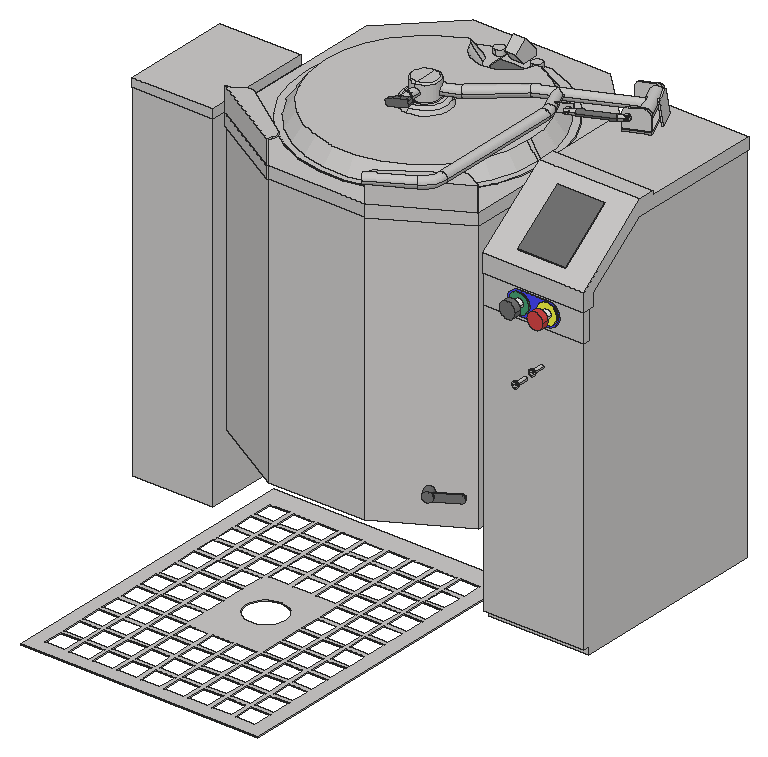
Revit family "QF_DIETATEC_C-CLASSIC_80_180516032309", category Specialty Equipment, Revit 2015
Parameters
  Width [instance] = 1154 mm
  Weight in Pounds [instance] = 308.644
  Volts [instance] = 400 V
  URL Cutsheet [instance] = ""
  URL = "www.dietatec.com"
  Status [instance] = ""
  Specification by User [instance] = ""
  Specification by Manufacturer [instance] = ""
  Serial Number [instance] = "C-CLASSIC_80"
  Seismic Rating [instance] = ""
  SMACNA No [instance] = ""
  Revision Code [instance] = ""
  Phase [instance] = 0
  Number of Poles [instance] = 3
  NAFEM Spec ID Number [instance] = ""
  Model = "54312"
  Min Ckt Ampacity [instance] = 0 A
  Max Overcurrent Protection [instance] = 0 A
  Masterspec [instance] = ""
  Manufacturer = "DIETATEC"
  ListPrice [instance] = 0
  Item Number [instance] = ""
  Installed By [instance] = ""
  Identify Quantity as Lot [instance] = yes
  Height [instance] = 1000 mm
  HP [instance] = ""
  Furnished By [instance] = ""
  Foodservice Equipment Identifier [instance] = yes
  FL Amps [instance] = 20 A
  Elec Conn RI Height [instance] = 0 mm
  Elec Conn Connection Height [instance] = 120 mm
  Description = "DIETA C-CLASSIC 80 KETTLE, ELECTRIC MODEL"
  Depth [instance] = 770 mm
  Cycle [instance] = 50 Hz
  Conn Plug [instance] = ""
  Conn Conduit [instance] = yes
  CSI MasterFormat [instance] = ""
  Assembly Code = "E1090320"
  Apparent Power [instance] = 13500 VA
Reference planes
  plane 1 "Center (Front/Back)": y = 0
  plane 2: z = 0
  plane 3 "Center (Left/Right)": x = 0
Forms (mm)
  Extrusion 1, solid, not visible
    sketch origin (803.5, -97.5, 120) x (1, 0, 0) y (0, 1, 0)
      loop
        line (0, 0) -> (2, 0) -> (2, 2) -> (0, 2) -> (0, 0)
    from 0 to 2
Dimensions and locks
  aligned and locked: level to plane 2
Nested families
  nested 1: "QF_Dietatec_C-CLASSIC_80_FL" at (0, 0, 0), type "54312_400_3"
    with Width 1154 mm, Status "", Specification by User "", Show Logo yes, Show Clearance yes, Revision Code "", Plumbing Remarks "", Plumbing Connection Type "", Number of Poles 3, ListPrice 0, Item Number "", Installed By "", Identify Quantity as Lot no, Height 1000 mm, Furnished By "", Foodservice Equipment Identifier yes, Electrical Remarks "", Electric Connection Type "", Elec Conn RI Height 0 mm, Elec Conn Connection Height 120 mm, Depth 770 mm, Conn Conduit no, Cold Water RI Height 120 mm, Cold Water Flow 0.0 L/s, Cold Water Consumption "", Cold Water Connection Height 120 mm
  nested 2: "QF_Dietatec_KETTLE_LEFT_LEG" at (0, 0, 0), type "KETTLE_LEFT_LEG"
    with Width 275 mm, Status "", Specification by User "", Show Logo yes, Show Clearance yes, Revision Code "", ListPrice 0, Item Number "", Installed By "", Identify Quantity as Lot no, Height 900 mm, Furnished By "", Foodservice Equipment Identifier yes, Depth 200 mm
Connectors
  electrical at (804.5, -95.5, 121), driven by "Volts"
    settings: on Extrusion 1, index 1, voltage 400 V, apparent load 13500 VA, apparent load phase1 0 VA, apparent load phase2 0 VA, apparent load phase3 0 VA, power factor 1, load classification "Other", number of poles 1, system type 30, power factor state 1, is connector primary yes, connector utility no, sub classification motor no, connector description "Electrical connection"
Definition of nested family "QF_Dietatec_C-CLASSIC_80_FL"
  Parameters (values of type "54312_400_3")
    Width [instance] = 0 mm
    Weight in Pounds = 308.6468
    Watts = 13500 W
    Volts = 400 V
    URL Cutsheet = "www.dietatec.com"
    URL = "www.dietatec.com"
    Status [instance] = ""
    Specification by User [instance] = ""
    Specification by Manufacturer = ""
    Show Logo [instance] = yes
    Show Clearance [instance] = yes
    Serial Number = ""
    Seismic Rating = ""
    SMACNA No = ""
    Revision Code [instance] = ""
    Plumbing Remarks [instance] = ""
    Plumbing Connection Type [instance] = ""
    Phase = 3
    Number of Poles [instance] = 3
    NAFEM Spec ID Number = ""
    Model = "54312.000000000000"
    Min Ckt Ampacity = 0 A
    Max Overcurrent Protection = 0 A
    Masterspec = ""
    Manufacturer = "DIETATEC"
    ListPrice [instance] = 0
    Item Number [instance] = ""
    Installed By [instance] = ""
    Identify Quantity as Lot [instance] = no
    Height [instance] = 0 mm
    HP = "18.103770000000"
    Furnished By [instance] = ""
    Foodservice Equipment Identifier [instance] = yes
    FL Amps = 20 A
    Electrical Remarks [instance] = ""
    Electric Connection Type [instance] = ""
    Elec Conn RI Height [instance] = 0 mm
    Elec Conn Connection Height [instance] = 120 mm
    Description = "DIETA C-CLASSIC 80 KETTLE, ELECTRIC MODEL"
    Depth [instance] = 0 mm
    Cycle = 50 Hz
    Conn Plug = ""
    Conn Conduit [instance] = no
    Cold Water Temperature Recommended = 0 °C
    Cold Water Size = 12.7 mm
    Cold Water RI Height [instance] = 120 mm
    Cold Water Minimum Pressure = 20000.0 Pa
    Cold Water Maximum Pressure = 50000.0 Pa
    Cold Water Flow [instance] = 0.0 L/s
    Cold Water Consumption [instance] = ""
    Cold Water Connection Height [instance] = 120 mm
    CSI MasterFormat = ""
    Assembly Code = "E1090320"
    Apparent Power = 13500 VA
  Reference planes
    plane 1 "Back": y = 0
    plane 2: z = 0
    plane 3 "Left": x = 0
    plane 4 "Right": x = 950.5
    plane 5 "Front": y = -769.992
    plane 6 "Top": z = 1000
  Forms (mm)
    Extrusion 1, solid
      sketch origin (1853.203, 903.185, 150) x (1, 0, 0) y (0, 1, 0)
        loop
          line (-1804.703, -1372.685) -> (-1804.703, -2172.685) -> (-1204.703, -2172.685) -> (-1204.703, -1372.685) -> (-1804.703, -1372.685)
        loop
          line (-1769.703, -1427.685) -> (-1769.703, -1477.685) -> (-1719.703, -1477.685) -> (-1719.703, -1427.685) -> (-1769.703, -1427.685)
        loop
          line (-1709.703, -1427.685) -> (-1709.703, -1477.685) -> (-1659.703, -1477.685) -> (-1659.703, -1427.685) -> (-1709.703, -1427.685)
        loop
          line (-1649.703, -1427.685) -> (-1649.703, -1477.685) -> (-1599.703, -1477.685) -> (-1599.703, -1427.685) -> (-1649.703, -1427.685)
        loop
          line (-1589.703, -1427.685) -> (-1589.703, -1477.685) -> (-1539.703, -1477.685) -> (-1539.703, -1427.685) -> (-1589.703, -1427.685)
        loop
          line (-1529.703, -1427.685) -> (-1529.703, -1477.685) -> (-1479.703, -1477.685) -> (-1479.703, -1427.685) -> (-1529.703, -1427.685)
        loop
          line (-1469.703, -1427.685) -> (-1469.703, -1477.685) -> (-1419.703, -1477.685) -> (-1419.703, -1427.685) -> (-1469.703, -1427.685)
        loop
          line (-1409.703, -1427.685) -> (-1409.703, -1477.685) -> (-1359.703, -1477.685) -> (-1359.703, -1427.685) -> (-1409.703, -1427.685)
        loop
          line (-1349.703, -1427.685) -> (-1349.703, -1477.685) -> (-1299.703, -1477.685) -> (-1299.703, -1427.685) -> (-1349.703, -1427.685)
        loop
          line (-1289.703, -1427.685) -> (-1289.703, -1477.685) -> (-1239.703, -1477.685) -> (-1239.703, -1427.685) -> (-1289.703, -1427.685)
        loop
          line (-1769.703, -1487.685) -> (-1769.703, -1537.685) -> (-1719.703, -1537.685) -> (-1719.703, -1487.685) -> (-1769.703, -1487.685)
        loop
          line (-1709.703, -1487.685) -> (-1709.703, -1537.685) -> (-1659.703, -1537.685) -> (-1659.703, -1487.685) -> (-1709.703, -1487.685)
        loop
          line (-1649.703, -1487.685) -> (-1649.703, -1537.685) -> (-1599.703, -1537.685) -> (-1599.703, -1487.685) -> (-1649.703, -1487.685)
        loop
          line (-1589.703, -1487.685) -> (-1589.703, -1537.685) -> (-1539.703, -1537.685) -> (-1539.703, -1487.685) -> (-1589.703, -1487.685)
        loop
          line (-1529.703, -1487.685) -> (-1529.703, -1537.685) -> (-1479.703, -1537.685) -> (-1479.703, -1487.685) -> (-1529.703, -1487.685)
        loop
          line (-1469.703, -1487.685) -> (-1469.703, -1537.685) -> (-1419.703, -1537.685) -> (-1419.703, -1487.685) -> (-1469.703, -1487.685)
        loop
          line (-1409.703, -1487.685) -> (-1409.703, -1537.685) -> (-1359.703, -1537.685) -> (-1359.703, -1487.685) -> (-1409.703, -1487.685)
        loop
          line (-1349.703, -1487.685) -> (-1349.703, -1537.685) -> (-1299.703, -1537.685) -> (-1299.703, -1487.685) -> (-1349.703, -1487.685)
        loop
          line (-1289.703, -1487.685) -> (-1289.703, -1537.685) -> (-1239.703, -1537.685) -> (-1239.703, -1487.685) -> (-1289.703, -1487.685)
        loop
          line (-1769.703, -1547.685) -> (-1769.703, -1597.685) -> (-1719.703, -1597.685) -> (-1719.703, -1547.685) -> (-1769.703, -1547.685)
        loop
          line (-1709.703, -1547.685) -> (-1709.703, -1597.685) -> (-1659.703, -1597.685) -> (-1659.703, -1547.685) -> (-1709.703, -1547.685)
        loop
          line (-1649.703, -1547.685) -> (-1649.703, -1597.685) -> (-1599.703, -1597.685) -> (-1599.703, -1547.685) -> (-1649.703, -1547.685)
        loop
          line (-1589.703, -1547.685) -> (-1589.703, -1597.685) -> (-1539.703, -1597.685) -> (-1539.703, -1547.685) -> (-1589.703, -1547.685)
        loop
          line (-1529.703, -1547.685) -> (-1529.703, -1597.685) -> (-1479.703, -1597.685) -> (-1479.703, -1547.685) -> (-1529.703, -1547.685)
        loop
          line (-1469.703, -1547.685) -> (-1469.703, -1597.685) -> (-1419.703, -1597.685) -> (-1419.703, -1547.685) -> (-1469.703, -1547.685)
        loop
          line (-1409.703, -1547.685) -> (-1409.703, -1597.685) -> (-1359.703, -1597.685) -> (-1359.703, -1547.685) -> (-1409.703, -1547.685)
        loop
          line (-1349.703, -1547.685) -> (-1349.703, -1597.685) -> (-1299.703, -1597.685) -> (-1299.703, -1547.685) -> (-1349.703, -1547.685)
        loop
          line (-1289.703, -1547.685) -> (-1289.703, -1597.685) -> (-1239.703, -1597.685) -> (-1239.703, -1547.685) -> (-1289.703, -1547.685)
        loop
          line (-1769.703, -1607.685) -> (-1769.703, -1657.685) -> (-1719.703, -1657.685) -> (-1719.703, -1607.685) -> (-1769.703, -1607.685)
        loop
          line (-1709.703, -1607.685) -> (-1709.703, -1657.685) -> (-1659.703, -1657.685) -> (-1659.703, -1607.685) -> (-1709.703, -1607.685)
        loop
          line (-1649.703, -1607.685) -> (-1649.703, -1657.685) -> (-1599.703, -1657.685) -> (-1599.703, -1607.685) -> (-1649.703, -1607.685)
        loop
          line (-1589.703, -1607.685) -> (-1589.703, -1657.685) -> (-1539.703, -1657.685) -> (-1539.703, -1607.685) -> (-1589.703, -1607.685)
        loop
          line (-1529.703, -1607.685) -> (-1529.703, -1657.685) -> (-1479.703, -1657.685) -> (-1479.703, -1607.685) -> (-1529.703, -1607.685)
        loop
          line (-1469.703, -1607.685) -> (-1469.703, -1657.685) -> (-1419.703, -1657.685) -> (-1419.703, -1607.685) -> (-1469.703, -1607.685)
        loop
          line (-1409.703, -1607.685) -> (-1409.703, -1657.685) -> (-1359.703, -1657.685) -> (-1359.703, -1607.685) -> (-1409.703, -1607.685)
        loop
          line (-1349.703, -1607.685) -> (-1349.703, -1657.685) -> (-1299.703, -1657.685) -> (-1299.703, -1607.685) -> (-1349.703, -1607.685)
        loop
          line (-1289.703, -1607.685) -> (-1289.703, -1657.685) -> (-1239.703, -1657.685) -> (-1239.703, -1607.685) -> (-1289.703, -1607.685)
        loop
          line (-1769.703, -1667.685) -> (-1769.703, -1717.685) -> (-1719.703, -1717.685) -> (-1719.703, -1667.685) -> (-1769.703, -1667.685)
        loop
          line (-1709.703, -1667.685) -> (-1709.703, -1717.685) -> (-1659.703, -1717.685) -> (-1659.703, -1667.685) -> (-1709.703, -1667.685)
        loop
          line (-1649.703, -1667.685) -> (-1649.703, -1717.685) -> (-1599.703, -1717.685) -> (-1599.703, -1667.685) -> (-1649.703, -1667.685)
        loop
          line (-1409.703, -1667.685) -> (-1409.703, -1717.685) -> (-1359.703, -1717.685) -> (-1359.703, -1667.685) -> (-1409.703, -1667.685)
        loop
          line (-1349.703, -1667.685) -> (-1349.703, -1717.685) -> (-1299.703, -1717.685) -> (-1299.703, -1667.685) -> (-1349.703, -1667.685)
        loop
          line (-1289.703, -1667.685) -> (-1289.703, -1717.685) -> (-1239.703, -1717.685) -> (-1239.703, -1667.685) -> (-1289.703, -1667.685)
        loop
          line (-1769.703, -1727.685) -> (-1769.703, -1777.685) -> (-1719.703, -1777.685) -> (-1719.703, -1727.685) -> (-1769.703, -1727.685)
        loop
          line (-1709.703, -1727.685) -> (-1709.703, -1777.685) -> (-1659.703, -1777.685) -> (-1659.703, -1727.685) -> (-1709.703, -1727.685)
        loop
          line (-1649.703, -1727.685) -> (-1649.703, -1777.685) -> (-1599.703, -1777.685) -> (-1599.703, -1727.685) -> (-1649.703, -1727.685)
        loop
          line (-1409.703, -1727.685) -> (-1409.703, -1777.685) -> (-1359.703, -1777.685) -> (-1359.703, -1727.685) -> (-1409.703, -1727.685)
        loop
          line (-1349.703, -1727.685) -> (-1349.703, -1777.685) -> (-1299.703, -1777.685) -> (-1299.703, -1727.685) -> (-1349.703, -1727.685)
        loop
          line (-1289.703, -1727.685) -> (-1289.703, -1777.685) -> (-1239.703, -1777.685) -> (-1239.703, -1727.685) -> (-1289.703, -1727.685)
        loop
          line (-1769.703, -1787.685) -> (-1769.703, -1837.685) -> (-1719.703, -1837.685) -> (-1719.703, -1787.685) -> (-1769.703, -1787.685)
        loop
          line (-1709.703, -1787.685) -> (-1709.703, -1837.685) -> (-1659.703, -1837.685) -> (-1659.703, -1787.685) -> (-1709.703, -1787.685)
        loop
          line (-1649.703, -1787.685) -> (-1649.703, -1837.685) -> (-1599.703, -1837.685) -> (-1599.703, -1787.685) -> (-1649.703, -1787.685)
        loop
          line (-1409.703, -1787.685) -> (-1409.703, -1837.685) -> (-1359.703, -1837.685) -> (-1359.703, -1787.685) -> (-1409.703, -1787.685)
        loop
          line (-1349.703, -1787.685) -> (-1349.703, -1837.685) -> (-1299.703, -1837.685) -> (-1299.703, -1787.685) -> (-1349.703, -1787.685)
        loop
          line (-1289.703, -1787.685) -> (-1289.703, -1837.685) -> (-1239.703, -1837.685) -> (-1239.703, -1787.685) -> (-1289.703, -1787.685)
        loop
          line (-1769.703, -1847.685) -> (-1769.703, -1897.685) -> (-1719.703, -1897.685) -> (-1719.703, -1847.685) -> (-1769.703, -1847.685)
        loop
          line (-1709.703, -1847.685) -> (-1709.703, -1897.685) -> (-1659.703, -1897.685) -> (-1659.703, -1847.685) -> (-1709.703, -1847.685)
        loop
          line (-1649.703, -1847.685) -> (-1649.703, -1897.685) -> (-1599.703, -1897.685) -> (-1599.703, -1847.685) -> (-1649.703, -1847.685)
        loop
          line (-1409.703, -1847.685) -> (-1409.703, -1897.685) -> (-1359.703, -1897.685) -> (-1359.703, -1847.685) -> (-1409.703, -1847.685)
        loop
          line (-1349.703, -1847.685) -> (-1349.703, -1897.685) -> (-1299.703, -1897.685) -> (-1299.703, -1847.685) -> (-1349.703, -1847.685)
        loop
          line (-1289.703, -1847.685) -> (-1289.703, -1897.685) -> (-1239.703, -1897.685) -> (-1239.703, -1847.685) -> (-1289.703, -1847.685)
        loop
          line (-1769.703, -1907.685) -> (-1769.703, -1957.685) -> (-1719.703, -1957.685) -> (-1719.703, -1907.685) -> (-1769.703, -1907.685)
        loop
          line (-1709.703, -1907.685) -> (-1709.703, -1957.685) -> (-1659.703, -1957.685) -> (-1659.703, -1907.685) -> (-1709.703, -1907.685)
        loop
          line (-1649.703, -1907.685) -> (-1649.703, -1957.685) -> (-1599.703, -1957.685) -> (-1599.703, -1907.685) -> (-1649.703, -1907.685)
        loop
          line (-1589.703, -1907.685) -> (-1589.703, -1957.685) -> (-1539.703, -1957.685) -> (-1539.703, -1907.685) -> (-1589.703, -1907.685)
        loop
          line (-1529.703, -1907.685) -> (-1529.703, -1957.685) -> (-1479.703, -1957.685) -> (-1479.703, -1907.685) -> (-1529.703, -1907.685)
        loop
          line (-1469.703, -1907.685) -> (-1469.703, -1957.685) -> (-1419.703, -1957.685) -> (-1419.703, -1907.685) -> (-1469.703, -1907.685)
        loop
          line (-1409.703, -1907.685) -> (-1409.703, -1957.685) -> (-1359.703, -1957.685) -> (-1359.703, -1907.685) -> (-1409.703, -1907.685)
        loop
          line (-1349.703, -1907.685) -> (-1349.703, -1957.685) -> (-1299.703, -1957.685) -> (-1299.703, -1907.685) -> (-1349.703, -1907.685)
        loop
          line (-1289.703, -1907.685) -> (-1289.703, -1957.685) -> (-1239.703, -1957.685) -> (-1239.703, -1907.685) -> (-1289.703, -1907.685)
        loop
          line (-1769.703, -1967.685) -> (-1769.703, -2017.685) -> (-1719.703, -2017.685) -> (-1719.703, -1967.685) -> (-1769.703, -1967.685)
        loop
          line (-1709.703, -1967.685) -> (-1709.703, -2017.685) -> (-1659.703, -2017.685) -> (-1659.703, -1967.685) -> (-1709.703, -1967.685)
        loop
          line (-1649.703, -1967.685) -> (-1649.703, -2017.685) -> (-1599.703, -2017.685) -> (-1599.703, -1967.685) -> (-1649.703, -1967.685)
        loop
          line (-1589.703, -1967.685) -> (-1589.703, -2017.685) -> (-1539.703, -2017.685) -> (-1539.703, -1967.685) -> (-1589.703, -1967.685)
        loop
          line (-1529.703, -1967.685) -> (-1529.703, -2017.685) -> (-1479.703, -2017.685) -> (-1479.703, -1967.685) -> (-1529.703, -1967.685)
        loop
          line (-1469.703, -1967.685) -> (-1469.703, -2017.685) -> (-1419.703, -2017.685) -> (-1419.703, -1967.685) -> (-1469.703, -1967.685)
        loop
          line (-1409.703, -1967.685) -> (-1409.703, -2017.685) -> (-1359.703, -2017.685) -> (-1359.703, -1967.685) -> (-1409.703, -1967.685)
        loop
          line (-1349.703, -1967.685) -> (-1349.703, -2017.685) -> (-1299.703, -2017.685) -> (-1299.703, -1967.685) -> (-1349.703, -1967.685)
        loop
          line (-1289.703, -1967.685) -> (-1289.703, -2017.685) -> (-1239.703, -2017.685) -> (-1239.703, -1967.685) -> (-1289.703, -1967.685)
        loop
          line (-1769.703, -2027.685) -> (-1769.703, -2077.685) -> (-1719.703, -2077.685) -> (-1719.703, -2027.685) -> (-1769.703, -2027.685)
        loop
          line (-1709.703, -2027.685) -> (-1709.703, -2077.685) -> (-1659.703, -2077.685) -> (-1659.703, -2027.685) -> (-1709.703, -2027.685)
        loop
          line (-1649.703, -2027.685) -> (-1649.703, -2077.685) -> (-1599.703, -2077.685) -> (-1599.703, -2027.685) -> (-1649.703, -2027.685)
        loop
          line (-1589.703, -2027.685) -> (-1589.703, -2077.685) -> (-1539.703, -2077.685) -> (-1539.703, -2027.685) -> (-1589.703, -2027.685)
        loop
          line (-1529.703, -2027.685) -> (-1529.703, -2077.685) -> (-1479.703, -2077.685) -> (-1479.703, -2027.685) -> (-1529.703, -2027.685)
        loop
          line (-1469.703, -2027.685) -> (-1469.703, -2077.685) -> (-1419.703, -2077.685) -> (-1419.703, -2027.685) -> (-1469.703, -2027.685)
        loop
          line (-1409.703, -2027.685) -> (-1409.703, -2077.685) -> (-1359.703, -2077.685) -> (-1359.703, -2027.685) -> (-1409.703, -2027.685)
        loop
          line (-1349.703, -2027.685) -> (-1349.703, -2077.685) -> (-1299.703, -2077.685) -> (-1299.703, -2027.685) -> (-1349.703, -2027.685)
        loop
          line (-1289.703, -2027.685) -> (-1289.703, -2077.685) -> (-1239.703, -2077.685) -> (-1239.703, -2027.685) -> (-1289.703, -2027.685)
        loop
          line (-1769.703, -2087.685) -> (-1769.703, -2137.685) -> (-1719.703, -2137.685) -> (-1719.703, -2087.685) -> (-1769.703, -2087.685)
        loop
          line (-1709.703, -2087.685) -> (-1709.703, -2137.685) -> (-1659.703, -2137.685) -> (-1659.703, -2087.685) -> (-1709.703, -2087.685)
        loop
          line (-1649.703, -2087.685) -> (-1649.703, -2137.685) -> (-1599.703, -2137.685) -> (-1599.703, -2087.685) -> (-1649.703, -2087.685)
        loop
          line (-1589.703, -2087.685) -> (-1589.703, -2137.685) -> (-1539.703, -2137.685) -> (-1539.703, -2087.685) -> (-1589.703, -2087.685)
        loop
          line (-1529.703, -2087.685) -> (-1529.703, -2137.685) -> (-1479.703, -2137.685) -> (-1479.703, -2087.685) -> (-1529.703, -2087.685)
        loop
          line (-1469.703, -2087.685) -> (-1469.703, -2137.685) -> (-1419.703, -2137.685) -> (-1419.703, -2087.685) -> (-1469.703, -2087.685)
        loop
          line (-1409.703, -2087.685) -> (-1409.703, -2137.685) -> (-1359.703, -2137.685) -> (-1359.703, -2087.685) -> (-1409.703, -2087.685)
        loop
          line (-1349.703, -2087.685) -> (-1349.703, -2137.685) -> (-1299.703, -2137.685) -> (-1299.703, -2087.685) -> (-1349.703, -2087.685)
        loop
          line (-1289.703, -2087.685) -> (-1289.703, -2137.685) -> (-1239.703, -2137.685) -> (-1239.703, -2087.685) -> (-1289.703, -2087.685)
        loop
          circle (-1504.703, -1772.685) r 50
      from -150 to -148
    Extrusion 2, solid
      sketch origin (-203, -1000, 0) x (0, 1, 0) y (0, 0, 1)
        loop
          line (899, 0) -> (899, 921.5) -> (555.633, 921.5) -> (410.5, 812.65) -> (410.5, 782.65) -> (397.5, 782.65) -> (397.5, 710.15) -> (382, 710.15) -> (382, 19) -> (397.5, 19) -> (397.5, 0) -> (899, 0)
      from 901 to 1152
    Extrusion 3, solid
      sketch origin (-203, 0, 0) x (0, 1, 0) y (0, 0, 1)
        loop
          line (-602.5, 782.65) -> (-618, 782.65) -> (-618, 710.15) -> (-602.5, 710.15) -> (-602.5, 782.65)
      from 901 to 1152
    Extrusion 4, solid
      sketch origin (48.5, -732.029, 6.15) x (1, 0, 0) y (0, 0, 1)
        loop
          circle (740, 741) r 10
      from -112.029 to -90
    Extrusion 5, solid
      sketch origin (48.5, -792.029, 6.15) x (1, 0, 0) y (0, 0, 1)
        loop
          circle (740, 741) r 20
      from -150 to -135
    Extrusion 6, solid
      sketch origin (48.5, -768, 6.15) x (1, 0, 0) y (0, 0, 1)
        loop
          circle (740, 741) r 25
      from -150 to -148
    Extrusion 7, solid
      sketch origin (118.5, -732.029, 6.15) x (1, 0, 0) y (0, 0, 1)
        loop
          circle (740, 741) r 10
      from -112.029 to -90
    Extrusion 8, solid
      sketch origin (118.5, -792.029, 6.15) x (1, 0, 0) y (0, 0, 1)
        loop
          circle (740, 741) r 20
      from -150 to -135
    Extrusion 9, solid
      sketch origin (118.5, -768, 6.15) x (1, 0, 0) y (0, 0, 1)
        loop
          circle (740, 741) r 25
      from -150 to -148
    Extrusion 10, solid
      sketch origin (130.5, -767, -53.35) x (1, 0, 0) y (0, 0, 1)
        loop
          arc (658, 830.5) -> (628, 800.5) -> (658, 770.5) r 30
          line (658, 770.5) -> (728, 770.5)
          arc (728, 770.5) -> (758, 800.5) -> (728, 830.5) r 30
          line (728, 830.5) -> (658, 830.5)
      from -150 to -148
    Extrusion 11, solid
      sketch origin (-203, 0, 0) x (0, 1, 0) y (0, 0, 1)
        loop
          line (-468.4, 941.6) -> (-593.2, 848) -> (-592, 846.4) -> (-467.2, 940) -> (-468.4, 941.6)
      from 966.5 to 1086.5
    Revolve 12, solid
      sketch origin (-203, 0, 580) x (1, 0, 0) y (0, 1, 0)
        loop
          line (1009.5, -618.013) -> (1005.5, -618.013) -> (1005.5, -651) -> (1012.485, -651)
          arc (1012.485, -651) -> (1012.849, -650.849) -> (1013, -650.485) r 0.515
          line (1013, -650.485) -> (1013, -648.5) -> (1009.5, -648.5) -> (1009.5, -618.013)
        axis (1005.5, -651) -> (1005.5, -618.013)
      angle from 0 to 360
    Revolve 13, solid
      sketch origin (-161, 0, 622) x (1, 0, 0) y (0, 1, 0)
        loop
          line (1009.5, -618.003) -> (1005.5, -618.003) -> (1005.5, -651) -> (1012.485, -651)
          arc (1012.485, -651) -> (1012.849, -650.849) -> (1013, -650.485) r 0.515
          line (1013, -650.485) -> (1013, -648.5) -> (1009.5, -648.5) -> (1009.5, -618.003)
        axis (1005.5, -651) -> (1005.5, -618.003)
      angle from 0 to 360
    Revolve 14, solid
      sketch origin (-203, -476, 0) x (1, 0, 0) y (0, 0, 1)
        loop
          line (204.5, 825) -> (201.5, 825) -> (201.5, 775) -> (233, 775) -> (233, 837.5) -> (232.15, 837.5) -> (232.15, 824.35)
          arc (232.15, 824.35) -> (230.796, 821.35) -> (227.65, 820.381) r 4
          line (227.65, 820.381) -> (227.65, 819.45) -> (213, 819.45) -> (213, 818.5) -> (204.5, 818.5) -> (204.5, 825)
        axis (233, 775) -> (201.5, 775)
      angle from 0 to 360
    Revolve 15, solid
      sketch origin (900, -476, 0) x (-1, 0, 0) y (0, 0, -1)
        loop
          line (204.5, -825) -> (204.5, -818.5) -> (213, -818.5) -> (213, -819.45) -> (227.65, -819.45) -> (227.65, -820.381)
          arc (227.65, -820.381) -> (230.796, -821.35) -> (232.15, -824.35) r 4
          line (232.15, -824.35) -> (232.15, -837.5) -> (233, -837.5) -> (233, -775) -> (201.5, -775) -> (201.5, -825) -> (204.5, -825)
        axis (233, -775) -> (201.5, -775)
      angle from 0 to 360
    Extrusion 16, solid
      sketch origin (-203, 0, 0) x (1, 0, 0) y (0, 1, 0)
        loop
          line (722.48, -3.3) -> (380.52, -3.3) -> (233.3, -150.52) -> (233.3, -596.343) -> (430.16, -710) -> (672.84, -710) -> (869.7, -596.343) -> (869.7, -150.52) -> (722.48, -3.3)
      from 183.772 to 870
    Extrusion 17, solid
      sketch origin (-203, 0, 27) x (1, 0, 0) y (0, 1, 0)
        loop
          line (430.16, -710) -> (672.84, -710) -> (674, -709.33) -> (675.65, -712.188) -> (873, -598.248) -> (873, -149.153) -> (723.847, 0) -> (379.153, 0) -> (230, -149.153) -> (230, -598.248) -> (427.35, -712.188) -> (429, -709.33) -> (430.16, -710)
      from 843 to 873
    Extrusion 18, solid
      sketch origin (-203, 0, 1020) x (1, 0, 0) y (0, 1, 0)
        loop
          line (674, -709.33) -> (675.65, -712.188) -> (870.593, -599.638) -> (868.943, -596.78) -> (674, -709.33)
        loop
          line (429, -709.33) -> (234.057, -596.78) -> (232.407, -599.638) -> (427.35, -712.188) -> (429, -709.33)
      from -120 to -59.435
    Extrusion 19, solid
      sketch origin (-203, 0, 1040) x (1, 0, 0) y (0, 1, 0)
        loop
          line (241.167, -594.601) -> (234.057, -596.78) -> (232.407, -599.638) -> (427.35, -712.188) -> (433.173, -702.102)
          arc (433.173, -702.102) -> (435.379, -687.773) -> (427.324, -675.719) r 20
          line (427.324, -675.719) -> (290.139, -579.661)
          arc (290.139, -579.661) -> (279.54, -576.063) -> (268.668, -578.723) r 20
          line (268.668, -578.723) -> (241.167, -594.601)
        loop
          line (861.833, -594.601) -> (834.332, -578.723)
          arc (834.332, -578.723) -> (823.46, -576.063) -> (812.861, -579.661) r 20
          line (812.861, -579.661) -> (675.676, -675.719)
          arc (675.676, -675.719) -> (667.621, -687.773) -> (669.827, -702.102) r 20
          line (669.827, -702.102) -> (675.65, -712.188) -> (870.593, -599.638) -> (868.943, -596.78) -> (861.833, -594.601)
      from -81.15 to -78.15
    Revolve 20, solid
      sketch origin (348.5, 0, 0) x (0, 1, 0) y (0, 0, 1)
        loop
          line (-366, 995.5) -> (-366, 937.455) -> (-307.025, 937.455) -> (-312.103, 946.25)
          arc (-312.103, 946.25) -> (-315.946, 950.093) -> (-321.196, 951.5) r 10.5
          line (-321.196, 951.5) -> (-331, 951.5) -> (-331, 953.5) -> (-332.5, 953.5) -> (-332.5, 992) -> (-336, 995.5) -> (-366, 995.5)
        axis (-366, 937.455) -> (-366, 995.5)
      angle from 0 to 360
    Extrusion 21, solid
      sketch origin (-203, 0, 879.5) x (1, 0, 0) y (0, 1, 0)
        loop
          arc (471.1, -61.974) -> (312.628, -169.506) -> (251.5, -351) r 300
          line (251.5, -351) -> (251.5, -366)
          arc (251.5, -366) -> (551.5, -666) -> (851.5, -366) r 300
          line (851.5, -366) -> (851.5, -351)
          arc (851.5, -351) -> (790.372, -169.506) -> (631.9, -61.974) r 300
          arc (631.9, -61.974) -> (625.262, -60.605) -> (618.5, -60.145) r 50
          line (618.5, -60.145) -> (599, -60.145)
          arc (599, -60.145) -> (590.161, -63.806) -> (586.5, -72.645) r 12.5
          arc (586.5, -72.645) -> (585.938, -92.703) -> (584.308, -112.702) r 376.25
          arc (584.308, -112.702) -> (551.5, -142.145) -> (518.692, -112.702) r 33
          arc (518.692, -112.702) -> (517.061, -92.687) -> (516.5, -72.613) r 376.25
          arc (516.5, -72.613) -> (512.828, -63.795) -> (504, -60.145) r 12.5
          line (504, -60.145) -> (484.5, -60.145)
          arc (484.5, -60.145) -> (477.738, -60.605) -> (471.1, -61.974) r 50
      from 20 to 22
    Blend 22, solid
      base sketch origin (-203, 0, 0) x (1, 0, 0) y (0, 1, 0)
        loop
          arc (445.186, -92.991) -> (316.303, -197.386) -> (267.817, -356) r 283.683
          line (267.817, -356) -> (267.817, -366)
          arc (267.817, -366) -> (551.5, -649.683) -> (835.183, -366) r 283.683
          line (835.183, -366) -> (835.183, -356)
          arc (835.183, -356) -> (786.697, -197.386) -> (657.814, -92.991) r 283.683
          arc (657.814, -92.991) -> (624.632, -94.01) -> (602.983, -119.177) r 41.183
          arc (602.983, -119.177) -> (551.5, -157.317) -> (500.017, -119.177) r 53.817
          arc (500.017, -119.177) -> (478.368, -94.01) -> (445.186, -92.991) r 41.183
      top sketch origin (-203, 0, 0) x (1, 0, 0) y (0, 1, 0)
        loop
          arc (455.212, -117.796) -> (338.484, -212.345) -> (294.571, -356) r 256.929
          line (294.571, -356) -> (294.571, -366)
          arc (294.571, -366) -> (551.5, -622.929) -> (808.429, -366) r 256.929
          line (808.429, -366) -> (808.429, -356)
          arc (808.429, -356) -> (764.516, -212.345) -> (647.788, -117.796) r 256.929
          arc (647.788, -117.796) -> (636.162, -118.153) -> (628.577, -126.97) r 14.429
          arc (628.577, -126.97) -> (551.5, -184.071) -> (474.423, -126.97) r 80.571
          arc (474.423, -126.97) -> (466.838, -118.153) -> (455.212, -117.796) r 14.429
      from 901.5 to 937.63
    Extrusion 23, solid
      sketch origin (-203, 0, 0) x (0, 1, 0) y (0, 0, 1)
        loop
          line (-37.248, 900) -> (-37.248, 917.876) -> (-67.284, 953.672) -> (-97.926, 927.96) -> (-74.464, 900) -> (-37.248, 900)
      from 536.5 to 566.5
    Extrusion 24, solid
      sketch origin (-203, -420, 0) x (1, 0, 0) y (0, 0, 1)
        loop
          arc (524.133, 972.678) -> (522.051, 970.677) -> (521.857, 967.795) r 4.004
          line (521.857, 967.795) -> (523.853, 961.376)
          arc (523.853, 961.376) -> (525.646, 959.116) -> (528.494, 958.65) r 4
          line (528.494, 958.65) -> (545.58, 962.233) -> (562.767, 967.58) -> (578.87, 974.324)
          arc (578.87, 974.324) -> (580.95, 976.323) -> (581.145, 979.201) r 4
          line (581.145, 979.201) -> (579.147, 985.624)
          arc (579.147, 985.624) -> (577.354, 987.884) -> (574.506, 988.35) r 4
          line (574.506, 988.35) -> (557.42, 984.767) -> (540.233, 979.42) -> (524.133, 972.678)
      from 23.355 to 35.355
    Revolve 25, solid
      sketch origin (-203, 0, 973.5) x (1, 0, 0) y (0, 1, 0)
        loop
          line (541.5, -394.5) -> (541.5, -418.855) -> (542.908, -418.855) -> (542.908, -421.355) -> (547, -421.355) -> (547, -423.355) -> (542.5, -423.355) -> (542.5, -443.355) -> (551.5, -443.355) -> (551.5, -394.5) -> (541.5, -394.5)
        axis (551.5, -443.355) -> (551.5, -394.5)
      angle from 0 to 360
    Sweep 26, solid
      path origin (-203, 0, 991.467) x (1, 0, 0) y (0, 1, 0)
        loop
          line (713.848, -769.992) -> (810.092, -714.426)
          arc (810.092, -714.426) -> (832.969, -691.549) -> (841.342, -660.299) r 62.5
          line (841.342, -660.299) -> (841.342, -336.028)
          arc (841.342, -336.028) -> (839.861, -322.501) -> (835.486, -309.615) r 62.5
          line (835.486, -309.615) -> (806.642, -247.757)
      profile origin (638.342, -498.164, 991.467) x (-1, 0, 0) y (0, 0, 1)
        loop
          circle (12.5, 0) r 12.5
    Sweep 27, solid
      path origin (-142.68, -595.041, 0) x (0.906308, 0.422618, 0) y (0, 0, 1)
        loop
          line (564.254, 957.5) -> (619.254, 957.5) -> (759.731, 979) -> (989.731, 979)
      profile origin (393.631, -344.955, 957.5) x (0, 0, 1) y (0.422618, -0.906308, 0)
        loop
          circle (12.5, 0) r 12.5
    Extrusion 28, solid
      sketch origin (386.171, -935.322, -40.924) x (0.866025, 0.5, 0) y (0, 0, 1)
        loop
          circle (315, 303) r 12
      from -150 to -125
    Extrusion 29, solid
      sketch origin (395.171, -950.91, -40.924) x (0.866025, 0.5, 0) y (0, 0, 1)
        loop
          line (321.633, 293) -> (381, 293)
          arc (381, 293) -> (391, 303) -> (381, 313) r 10
          line (381, 313) -> (321.633, 313)
          arc (321.633, 313) -> (327, 303) -> (321.633, 293) r 12
      from -150 to -145
    Extrusion 30, solid
      sketch origin (-203, 0, 950) x (1, 0, 0) y (0, 1, 0)
        loop
          line (858.004, -281.002) -> (817.22, -300.02) -> (818.488, -302.739) -> (859.272, -283.721) -> (858.004, -281.002)
      from 30 to 53
    Revolve 31, solid
      sketch origin (-203, 0, 991.5) x (1, 0, 0) y (0, 1, 0)
        loop
          line (870.848, -285.378) -> (847.634, -296.204)
          arc (847.634, -296.204) -> (847.606, -298.584) -> (848.28, -300.868) r 8
          line (848.28, -300.868) -> (872.75, -289.457) -> (870.848, -285.378)
        loop
          line (944.709, -250.937) -> (946.611, -255.015) -> (971.081, -243.604)
          arc (971.081, -243.604) -> (969.765, -241.62) -> (967.924, -240.112) r 8
          line (967.924, -240.112) -> (944.709, -250.937)
        axis (848.28, -300.868) -> (971.081, -243.604)
      angle from 0 to 360
    Revolve 32, solid
      sketch origin (-203, 0, 991.5) x (1, 0, 0) y (0, 1, 0)
        loop
          line (872.524, -289.563) -> (946.841, -254.908) -> (943.671, -248.111) -> (869.354, -282.765) -> (872.524, -289.563)
        axis (872.524, -289.563) -> (946.841, -254.908)
      angle from 0 to 360
    Revolve 33, solid
      sketch origin (-203, 0, 991.83) x (1, 0, 0) y (0, 1, 0)
        loop
          line (856.34, -305.494) -> (858.742, -304.375) -> (845.326, -275.604) -> (843.514, -276.449) -> (843.03, -277.778) -> (848.207, -288.881) -> (846.394, -289.726) -> (847.602, -292.316)
          arc (847.602, -292.316) -> (848.524, -291.928) -> (849.43, -291.504) r 25
          line (849.43, -291.504) -> (851.438, -294.982) -> (856.34, -305.494)
        axis (845.326, -275.604) -> (858.742, -304.375)
      angle from 0 to 360
    Revolve 34, solid
      sketch origin (1082.87, 599.611, 991.83) x (-0.642788, -0.766044, 0) y (0.766044, -0.642788, 0)
        loop
          line (856.34, 305.494) -> (851.438, 294.982) -> (849.43, 291.504)
          arc (849.43, 291.504) -> (848.524, 291.928) -> (847.602, 292.316) r 25
          line (847.602, 292.316) -> (846.394, 289.726) -> (848.207, 288.881) -> (843.03, 277.778) -> (843.514, 276.449) -> (845.326, 275.604) -> (858.742, 304.375) -> (856.34, 305.494)
        axis (845.326, 275.604) -> (858.742, 304.375)
      angle from 0 to 360
    Extrusion 35, solid
      sketch origin (-723.621, -648.922, 0) x (0.906308, 0.422618, 0) y (0, 0, 1)
        loop
          arc (1518.24, 1010.5) -> (1507.633, 1006.107) -> (1503.24, 995.5) r 15
          line (1503.24, 995.5) -> (1503.24, 961.15) -> (1563.24, 961.15) -> (1563.24, 995.5)
          arc (1563.24, 995.5) -> (1558.846, 1006.107) -> (1548.24, 1010.5) r 15
          line (1548.24, 1010.5) -> (1518.24, 1010.5)
      from 141.433 to 145.433
    Extrusion 36, solid
      sketch origin (-678.612, -745.444, 0) x (0.906308, 0.422618, 0) y (0, 0, 1)
        loop
          arc (1518.24, 1010.5) -> (1507.633, 1006.107) -> (1503.24, 995.5) r 15
          line (1503.24, 995.5) -> (1503.24, 961.15) -> (1563.24, 961.15) -> (1563.24, 995.5)
          arc (1563.24, 995.5) -> (1558.846, 1006.107) -> (1548.24, 1010.5) r 15
          line (1548.24, 1010.5) -> (1518.24, 1010.5)
      from 141.433 to 145.433
    Extrusion 37, solid
      sketch origin (-133.615, -590.593, 0) x (0.906308, 0.422618, 0) y (0, 0, 1)
        loop
          circle (988.861, 991.5) r 15
      from -51.05 to 51.45
    Extrusion 38, solid
      sketch origin (-203, 0, 898.3) x (1, 0, 0) y (0, 1, 0)
        loop
          arc (586.069, -90.158) -> (551.5, -88) -> (516.931, -90.158) r 278
          arc (516.931, -90.158) -> (517.642, -101.443) -> (518.692, -112.702) r 376.25
          arc (518.692, -112.702) -> (551.5, -142.145) -> (584.308, -112.702) r 33
          arc (584.308, -112.702) -> (585.358, -101.443) -> (586.069, -90.158) r 376.25
      from 0 to 2
    Extrusion 39, solid
      sketch origin (251.619, 1234.156, 0) x (0.422618, -0.906308, 0) y (0, 0, 1)
        loop
          line (1435.928, 961.15) -> (1435.928, 959.475)
          arc (1435.928, 959.475) -> (1438.263, 953.836) -> (1443.902, 951.5) r 7.975
          line (1443.902, 951.5) -> (1538.453, 951.5)
          arc (1538.453, 951.5) -> (1544.092, 953.836) -> (1546.428, 959.475) r 7.975
          line (1546.428, 959.475) -> (1546.428, 961.15) -> (1542.428, 961.15) -> (1542.428, 959.475)
          arc (1542.428, 959.475) -> (1541.263, 956.664) -> (1538.453, 955.5) r 3.975
          line (1538.453, 955.5) -> (1443.902, 955.5)
          arc (1443.902, 955.5) -> (1441.092, 956.664) -> (1439.928, 959.475) r 3.975
          line (1439.928, 959.475) -> (1439.928, 961.15) -> (1435.928, 961.15)
      from 116.451 to 176.451
    Extrusion 40, solid
      sketch origin (506.129, 845.214, 13.851) x (0.421008, -0.907057, 0) y (-0.153433, -0.071216, 0.985589)
        loop
          line (1006.415, 961.15) -> (1056.415, 961.15) -> (1056.415, 1013.467)
          arc (1056.415, 1013.467) -> (1054.95, 1017.002) -> (1051.415, 1018.467) r 5
          arc (1051.415, 1018.467) -> (1031.415, 1014.603) -> (1011.415, 1018.467) r 53.69
          arc (1011.415, 1018.467) -> (1007.879, 1017.002) -> (1006.415, 1013.467) r 5
          line (1006.415, 1013.467) -> (1006.415, 961.15)
      from 0 to 4
    Extrusion 41, solid, visible <- "Show Clearance", detail levels coarse
      sketch origin (167, 114, 0) x (1, 0, 0) y (0, 1, 0)
        loop
          line (-370, -114) -> (783.5, -114) -> (783.5, 236.46) -> (-370, 236.46) -> (-370, -114)
      from 0 to 1013
    Extrusion 42, solid
      sketch origin (-56.5, -247.5, -68) x (1, 0, 0) y (0, 0, 1)
        loop
          circle (930, 278) r 15
      from -150 to -146.5
    Extrusion 43, solid
      sketch origin (-56.5, -247.5, -158) x (1, 0, 0) y (0, 0, 1)
        loop
          circle (930, 278) r 15
      from -150 to -146.5
    Extrusion 44, solid
      sketch origin (-126.5, -247.5, -158) x (1, 0, 0) y (0, 0, 1)
        loop
          circle (930, 278) r 15
      from -150 to -146.5
    Extrusion 45, solid
      sketch origin (-56.5, -247.5, -113) x (1, 0, 0) y (0, 0, 1)
        loop
          circle (930, 278) r 15
      from -150 to -146.5
    Extrusion 46, solid, visible <- "Show Clearance", detail levels coarse
      sketch origin (-1701.691, -1163.635, 0) x (0.906308, 0.422618, 0) y (0, 0, 1)
        loop
          arc (2655.064, 1697.495) -> (2117.759, 1474.936) -> (1895.2, 937.63) r 759.865
          line (1895.2, 937.63) -> (2655.064, 937.63) -> (2655.064, 1697.495)
      from -156.455 to 443.545
    Extrusion 47, solid
      sketch origin (-203, 0, 901.5) x (1, 0, 0) y (0, 1, 0)
        loop
          circle (504.032, -72.613) r 12.468
        loop
          circle (599.031, -72.613) r 12.468
      from 0 to 12
    Extrusion 48, solid
      sketch origin (-203, -1000, 0) x (0, 1, 0) y (0, 0, 1)
        loop
          line (900.5, 921.5) -> (900.5, 951.5) -> (600.5, 951.5) -> (600.5, 961.15) -> (558.5, 961.15) -> (380.5, 827.65) -> (380.5, 782.65) -> (410.5, 782.65) -> (410.5, 812.65) -> (555.633, 921.5) -> (900.5, 921.5)
      from 899.5 to 1153.5
  Cuts and joins
    joined: Extrusion 18, Extrusion 19
  Lines and regions (mm)
    symbolic lines, visible <- "Show Clearance", detail levels coarse
      curve 1: line (950.5, 350.5, 0) -> (-203, 350.5, 0)
    symbolic lines
      curve 2: line (176.153, 0, 0) -> (27, -149.153, 0)
      curve 3: line (27, -149.153, 0) -> (27, -598.248, 0)
      curve 4: line (176.153, 0, 0) -> (520.847, 0, 0)
      curve 5: line (670, -149.153, 0) -> (520.847, 0, 0)
      curve 6: line (670, -598.248, 0) -> (670, -149.153, 0)
      curve 7: line (27, -598.248, 0) -> (48.5, -610.661, 0)
      curve 8: line (48.5, -610.661, 0) -> (48.5, -1269.5, 0)
      curve 9: line (48.5, -1269.5, 0) -> (648.5, -1269.5, 0)
      curve 10: line (648.5, -1269.5, 0) -> (648.5, -637.219, 0)
      curve 11: line (648.5, -637.219, 0) -> (661.287, -629.836, 0)
      curve 12: line (661.287, -629.836, 0) -> (658.787, -625.506, 0)
      curve 13: line (658.787, -625.506, 0) -> (648.5, -631.446, 0)
      curve 14: line (648.5, -631.446, 0) -> (648.5, -610.661, 0)
      curve 15: line (648.5, -610.661, 0) -> (670, -598.248, 0)
      curve 16: line (1.5, -426, 0) -> (0, -426, 0)
      curve 17: line (1.5, -426, 0) -> (1.5, -432.5, 0)
      curve 18: line (1.5, -432.5, 0) -> (10, -432.5, 0)
      curve 19: line (10, -432.5, 0) -> (10, -431.55, 0)
      curve 20: line (10, -431.55, 0) -> (24.65, -431.55, 0)
      curve 21: line (24.65, -431.55, 0) -> (24.65, -430.619, 0)
      curve 22: arc (24.65, -430.619, 0) -> (25.866, -430.599, 0) -> (27, -430.162, 0) r 3.478
      curve 23: line (696.5, -99.5, 0) -> (696.5, -619.5, 0)
      curve 24: line (696.5, -619.5, 0) -> (950.5, -619.5, 0)
      curve 25: line (950.5, -99.5, 0) -> (696.5, -99.5, 0)
      curve 26: line (950.5, -99.5, 0) -> (950.5, -619.5, 0)
      curve 27: line (778.5, -642.029, 0) -> (778.5, -619.5, 0)
      curve 28: line (778.5, -642.029, 0) -> (768.5, -642.029, 0)
      curve 29: line (768.5, -642.029, 0) -> (768.5, -657.029, 0)
      curve 30: line (768.5, -657.029, 0) -> (808.5, -657.029, 0)
      curve 31: line (808.5, -657.029, 0) -> (808.5, -642.029, 0)
      curve 32: line (808.5, -642.029, 0) -> (806.437, -642.029, 0)
      curve 33: line (806.437, -642.029, 0) -> (806.437, -619.5, 0)
      curve 34: line (838.5, -642.029, 0) -> (840.454, -642.029, 0)
      curve 35: line (840.454, -642.029, 0) -> (840.454, -619.5, 0)
      curve 36: line (838.5, -642.029, 0) -> (838.5, -657.029, 0)
      curve 37: line (838.5, -657.029, 0) -> (878.5, -657.029, 0)
      curve 38: line (878.5, -657.029, 0) -> (878.5, -642.029, 0)
      curve 39: line (878.5, -642.029, 0) -> (868.5, -642.029, 0)
      curve 40: line (868.5, -642.029, 0) -> (868.5, -619.5, 0)
      curve 41: line (763.5, -468.4, 0) -> (883.5, -468.4, 0)
      curve 42: line (763.5, -593.2, 0) -> (763.5, -468.4, 0)
      curve 43: line (883.5, -593.2, 0) -> (763.5, -593.2, 0)
      curve 44: line (883.5, -468.4, 0) -> (883.5, -593.2, 0)
      curve 45: line (950.5, -399.5, 0) -> (696.5, -399.5, 0)
      curve 46: line (696.5, -441.5, 0) -> (950.5, -441.5, 0)
      curve 47: line (752.928, -116.451, 0) -> (698.549, -141.808, 0)
      curve 48: line (698.549, -141.808, 0) -> (716.616, -180.552, 0)
      curve 49: line (700.24, -145.433, 0) -> (754.618, -120.076, 0)
      curve 50: line (799.627, -216.598, 0) -> (752.928, -116.451, 0)
      curve 51: line (797.936, -212.972, 0) -> (743.558, -238.33, 0)
      curve 52: line (745.248, -241.955, 0) -> (799.627, -216.598, 0)
      curve 53: line (803.416, -181.463, 0) -> (782.366, -136.111, 0)
      curve 54: line (782.366, -136.111, 0) -> (770.763, -141.496, 0)
      curve 55: spline (772.101, -146.388, 0) -> (771.832, -145.793, 0) -> (771.582, -145.202, 0) -> (771.353, -144.625, 0) -> (771.151, -144.072, 0) -> (770.978, -143.553, 0) -> (770.837, -143.076, 0) -> (770.731, -142.65, 0) -> (770.661, -142.282, 0) -> (770.629, -141.978, 0) -> (770.636, -141.743, 0) -> (770.681, -141.581, 0) -> (770.763, -141.496, 0)
      curve 56: spline (788.941, -182.67, 0) -> (787.77, -179.676, 0) -> (786.539, -176.636, 0) -> (785.252, -173.561, 0) -> (783.915, -170.464, 0) -> (782.534, -167.357, 0) -> (781.114, -164.254, 0) -> (779.66, -161.165, 0) -> (778.179, -158.105, 0) -> (776.676, -155.085, 0) -> (775.158, -152.117, 0) -> (773.631, -149.214, 0) -> (772.101, -146.388, 0)
      curve 57: spline (791.813, -186.849, 0) -> (791.695, -186.857, 0) -> (791.543, -186.787, 0) -> (791.359, -186.64, 0) -> (791.148, -186.419, 0) -> (790.911, -186.129, 0) -> (790.654, -185.772, 0) -> (790.381, -185.357, 0) -> (790.096, -184.89, 0) -> (789.805, -184.378, 0) -> (789.512, -183.832, 0) -> (789.222, -183.259, 0) -> (788.941, -182.67, 0)
      curve 58: line (791.813, -186.849, 0) -> (803.416, -181.463, 0)
      curve 59: line (727.429, -132.754, 0) -> (770.747, -225.651, 0)
      curve 60: line (743.805, -167.874, 0) -> (372.846, -340.855, 0)
      curve 61: line (754.371, -190.532, 0) -> (383.412, -363.513, 0)
      curve 62: arc (339.5, -424.284, 0) -> (289.698, -361.487, 0) -> (348.5, -307.025, 0) r 58.975
      curve 63: arc (348.5, -307.025, 0) -> (374.705, -313.167, 0) -> (395.453, -330.313, 0) r 58.975
      curve 64: arc (348.5, -331, 0) -> (313.867, -360.947, 0) -> (338.5, -399.541, 0) r 35
      curve 65: arc (358.5, -399.541, 0) -> (383.133, -360.947, 0) -> (348.5, -331, 0) r 35
      curve 66: arc (348.5, -396, 0) -> (318.5, -366, 0) -> (348.5, -336, 0) r 30
      curve 67: arc (348.5, -336, 0) -> (378.5, -366, 0) -> (348.5, -396, 0) r 30
      curve 68: line (378.325, -443.355, 0) -> (318.676, -443.355, 0)
      curve 69: line (318.676, -455.355, 0) -> (378.325, -455.355, 0)
      curve 70: line (338.5, -418.855, 0) -> (358.5, -418.855, 0)
      curve 71: line (339.5, -423.355, 0) -> (357.5, -423.355, 0)
      curve 72: line (338.5, -418.855, 0) -> (338.5, -394.284, 0)
      curve 73: line (358.5, -418.855, 0) -> (358.5, -394.284, 0)
      curve 74: line (339.908, -423.355, 0) -> (339.908, -418.855, 0)
      curve 75: line (357.092, -423.355, 0) -> (357.092, -418.855, 0)
      curve 76: line (339.5, -423.355, 0) -> (339.5, -443.355, 0)
      curve 77: line (357.5, -423.355, 0) -> (357.5, -443.355, 0)
      curve 78: line (318.676, -443.355, 0) -> (318.676, -455.355, 0)
      curve 79: line (378.325, -443.355, 0) -> (378.325, -455.355, 0)
      curve 80: arc (268.1, -61.974, 0) -> (109.628, -169.506, 0) -> (48.5, -351, 0) r 300
      curve 81: arc (48.5, -366, 0) -> (275.83, -657.065, 0) -> (613.294, -507.012, 0) r 300
      curve 82: arc (91.571, -366, 0) -> (348.5, -622.929, 0) -> (605.429, -366, 0) r 256.929
      curve 83: arc (252.212, -117.796, 0) -> (135.484, -212.345, 0) -> (91.571, -356, 0) r 256.929
      curve 84: line (48.5, -351, 0) -> (48.5, -366, 0)
      curve 85: line (91.571, -356, 0) -> (91.571, -366, 0)
      curve 86: arc (281.5, -60.145, 0) -> (274.738, -60.605, 0) -> (268.1, -61.974, 0) r 50
      curve 87: line (301, -60.145, 0) -> (281.5, -60.145, 0)
      curve 88: arc (315.692, -112.702, 0) -> (314.061, -92.687, 0) -> (313.5, -72.613, 0) r 376.25
      curve 89: arc (381.308, -112.702, 0) -> (348.5, -142.145, 0) -> (315.692, -112.702, 0) r 33
      curve 90: arc (271.423, -126.97, 0) -> (263.838, -118.153, 0) -> (252.212, -117.796, 0) r 14.429
      curve 91: arc (425.577, -126.97, 0) -> (348.5, -184.071, 0) -> (271.423, -126.97, 0) r 80.571
      curve 92: arc (444.788, -117.796, 0) -> (433.162, -118.153, 0) -> (425.577, -126.97, 0) r 14.429
      curve 93: arc (605.429, -356, 0) -> (603.585, -325.27, 0) -> (598.078, -294.982, 0) r 256.929
      curve 94: arc (383.5, -72.645, 0) -> (382.938, -92.703, 0) -> (381.308, -112.702, 0) r 376.25
      curve 95: line (415.5, -60.145, 0) -> (396, -60.145, 0)
      curve 96: arc (648.5, -351, 0) -> (643.938, -298.88, 0) -> (630.39, -248.345, 0) r 300
      curve 97: line (605.429, -366, 0) -> (605.429, -356, 0)
      curve 98: line (648.5, -366, 0) -> (648.5, -351, 0)
      curve 99: line (363.5, -37.248, 0) -> (333.5, -37.248, 0)
      curve 100: line (333.5, -37.248, 0) -> (333.5, -97.926, 0)
      curve 101: line (333.5, -97.926, 0) -> (363.5, -97.926, 0)
      curve 102: line (363.5, -97.926, 0) -> (363.5, -37.248, 0)
      curve 103: arc (383.069, -90.158, 0) -> (373.3, -89.108, 0) -> (363.5, -88.405, 0) r 278
      curve 104: arc (288.5, -72.645, 0) -> (301, -85.145, 0) -> (313.5, -72.645, 0) r 12.5
      curve 105: arc (313.5, -72.645, 0) -> (301, -60.145, 0) -> (288.5, -72.645, 0) r 12.5
      curve 106: arc (408.5, -72.645, 0) -> (396, -60.145, 0) -> (383.5, -72.645, 0) r 12.5
      curve 107: arc (383.5, -72.645, 0) -> (396, -85.145, 0) -> (408.5, -72.645, 0) r 12.5
      curve 108: line (333.5, -74.464, 0) -> (363.5, -74.464, 0)
      curve 109: line (10, -432.5, 0) -> (10, -519.5, 0)
      curve 110: line (687, -431.55, 0) -> (687, -476, 0)
      curve 111: line (31.057, -596.78, 0) -> (29.407, -599.638, 0)
      curve 112: line (38.167, -594.601, 0) -> (31.057, -596.78, 0)
      curve 113: line (65.668, -578.723, 0) -> (38.167, -594.601, 0)
      curve 114: arc (87.139, -579.661, 0) -> (76.54, -576.063, 0) -> (65.668, -578.723, 0) r 20
      curve 115: line (224.324, -675.719, 0) -> (87.139, -579.661, 0)
      curve 116: arc (230.173, -702.102, 0) -> (232.379, -687.773, 0) -> (224.324, -675.719, 0) r 20
      curve 117: line (224.35, -712.188, 0) -> (230.173, -702.102, 0)
      curve 118: line (227.16, -710, 0) -> (469.84, -710, 0)
      curve 119: line (466.827, -702.102, 0) -> (472.65, -712.188, 0)
      curve 120: arc (472.676, -675.719, 0) -> (464.621, -687.773, 0) -> (466.827, -702.102, 0) r 20
      curve 121: line (609.861, -579.661, 0) -> (472.676, -675.719, 0)
      curve 122: arc (613.294, -577.73, 0) -> (611.53, -578.611, 0) -> (609.861, -579.661, 0) r 20
      curve 123: line (658.833, -594.601, 0) -> (638.34, -582.769, 0)
      curve 124: line (665.943, -596.78, 0) -> (658.833, -594.601, 0)
      curve 125: line (667.593, -599.638, 0) -> (665.943, -596.78, 0)
      curve 126: line (510.848, -769.992, 0) -> (498.348, -748.341, 0)
      curve 127: line (586.077, -675.568, 0) -> (606.862, -663.568, 0)
      curve 128: line (472.65, -712.188, 0) -> (613.294, -630.987, 0)
      curve 129: line (586.077, -675.568, 0) -> (573.577, -653.918, 0)
      curve 130: line (606.862, -663.568, 0) -> (605.862, -661.836, 0)
      curve 131: line (605.862, -661.836, 0) -> (613.294, -657.545, 0)
      curve 132: line (648.5, -631.446, 0) -> (638.34, -637.312, 0)
      curve 133: line (603.362, -657.506, 0) -> (594.362, -641.918, 0)
      curve 134: line (498.348, -748.341, 0) -> (594.508, -692.823, 0)
      curve 135: line (510.848, -769.992, 0) -> (607.378, -714.261, 0)
      curve 136: line (613.294, -335.528, 0) -> (613.294, -660.286, 0)
      curve 137: line (638.34, -660.633, 0) -> (638.34, -336.112, 0)
      curve 138: line (608.644, -258.485, 0) -> (632.446, -309.528, 0)
      curve 139: line (585.986, -269.05, 0) -> (609.948, -320.436, 0)
      curve 140: line (48.5, -610.661, 0) -> (224.35, -712.188, 0)
      curve 141: line (83.5, -1234.5, 0) -> (133.5, -1234.5, 0)
      curve 142: line (83.5, -1184.5, 0) -> (83.5, -1234.5, 0)
      curve 143: line (133.5, -1184.5, 0) -> (83.5, -1184.5, 0)
      curve 144: line (133.5, -1234.5, 0) -> (133.5, -1184.5, 0)
      curve 145: arc (398.5, -869.5, 0) -> (348.5, -919.5, 0) -> (298.5, -869.5, 0) r 50
      curve 146: arc (298.5, -869.5, 0) -> (348.5, -819.5, 0) -> (398.5, -869.5, 0) r 50
      curve 147: line (143.5, -1234.5, 0) -> (193.5, -1234.5, 0)
      curve 148: line (143.5, -1184.5, 0) -> (143.5, -1234.5, 0)
      curve 149: line (193.5, -1184.5, 0) -> (143.5, -1184.5, 0)
      curve 150: line (193.5, -1234.5, 0) -> (193.5, -1184.5, 0)
      curve 151: line (203.5, -1234.5, 0) -> (253.5, -1234.5, 0)
      curve 152: line (203.5, -1184.5, 0) -> (203.5, -1234.5, 0)
      curve 153: line (253.5, -1184.5, 0) -> (203.5, -1184.5, 0)
      curve 154: line (253.5, -1234.5, 0) -> (253.5, -1184.5, 0)
      curve 155: line (263.5, -1234.5, 0) -> (313.5, -1234.5, 0)
      curve 156: line (263.5, -1184.5, 0) -> (263.5, -1234.5, 0)
      curve 157: line (313.5, -1184.5, 0) -> (263.5, -1184.5, 0)
      curve 158: line (313.5, -1234.5, 0) -> (313.5, -1184.5, 0)
      curve 159: line (323.5, -1234.5, 0) -> (373.5, -1234.5, 0)
      curve 160: line (323.5, -1184.5, 0) -> (323.5, -1234.5, 0)
      curve 161: line (373.5, -1184.5, 0) -> (323.5, -1184.5, 0)
      curve 162: line (373.5, -1234.5, 0) -> (373.5, -1184.5, 0)
      curve 163: line (383.5, -1234.5, 0) -> (433.5, -1234.5, 0)
      curve 164: line (383.5, -1184.5, 0) -> (383.5, -1234.5, 0)
      curve 165: line (433.5, -1184.5, 0) -> (383.5, -1184.5, 0)
      curve 166: line (433.5, -1234.5, 0) -> (433.5, -1184.5, 0)
      curve 167: line (443.5, -1234.5, 0) -> (493.5, -1234.5, 0)
      curve 168: line (443.5, -1184.5, 0) -> (443.5, -1234.5, 0)
      curve 169: line (493.5, -1184.5, 0) -> (443.5, -1184.5, 0)
      curve 170: line (493.5, -1234.5, 0) -> (493.5, -1184.5, 0)
      curve 171: line (503.5, -1234.5, 0) -> (553.5, -1234.5, 0)
      curve 172: line (503.5, -1184.5, 0) -> (503.5, -1234.5, 0)
      curve 173: line (553.5, -1184.5, 0) -> (503.5, -1184.5, 0)
      curve 174: line (553.5, -1234.5, 0) -> (553.5, -1184.5, 0)
      curve 175: line (563.5, -1234.5, 0) -> (613.5, -1234.5, 0)
      curve 176: line (563.5, -1184.5, 0) -> (563.5, -1234.5, 0)
      curve 177: line (613.5, -1184.5, 0) -> (563.5, -1184.5, 0)
      curve 178: line (613.5, -1234.5, 0) -> (613.5, -1184.5, 0)
      curve 179: line (83.5, -1174.5, 0) -> (133.5, -1174.5, 0)
      curve 180: line (83.5, -1124.5, 0) -> (83.5, -1174.5, 0)
      curve 181: line (133.5, -1124.5, 0) -> (83.5, -1124.5, 0)
      curve 182: line (133.5, -1174.5, 0) -> (133.5, -1124.5, 0)
      curve 183: line (143.5, -1174.5, 0) -> (193.5, -1174.5, 0)
      curve 184: line (143.5, -1124.5, 0) -> (143.5, -1174.5, 0)
      curve 185: line (193.5, -1124.5, 0) -> (143.5, -1124.5, 0)
      curve 186: line (193.5, -1174.5, 0) -> (193.5, -1124.5, 0)
      curve 187: line (203.5, -1174.5, 0) -> (253.5, -1174.5, 0)
      curve 188: line (203.5, -1124.5, 0) -> (203.5, -1174.5, 0)
      curve 189: line (253.5, -1124.5, 0) -> (203.5, -1124.5, 0)
      curve 190: line (253.5, -1174.5, 0) -> (253.5, -1124.5, 0)
      curve 191: line (263.5, -1174.5, 0) -> (313.5, -1174.5, 0)
      curve 192: line (263.5, -1124.5, 0) -> (263.5, -1174.5, 0)
      curve 193: line (313.5, -1124.5, 0) -> (263.5, -1124.5, 0)
      curve 194: line (313.5, -1174.5, 0) -> (313.5, -1124.5, 0)
      curve 195: line (323.5, -1174.5, 0) -> (373.5, -1174.5, 0)
      curve 196: line (323.5, -1124.5, 0) -> (323.5, -1174.5, 0)
      curve 197: line (373.5, -1124.5, 0) -> (323.5, -1124.5, 0)
      curve 198: line (373.5, -1174.5, 0) -> (373.5, -1124.5, 0)
      curve 199: line (383.5, -1174.5, 0) -> (433.5, -1174.5, 0)
      curve 200: line (383.5, -1124.5, 0) -> (383.5, -1174.5, 0)
      curve 201: line (433.5, -1124.5, 0) -> (383.5, -1124.5, 0)
      curve 202: line (433.5, -1174.5, 0) -> (433.5, -1124.5, 0)
      curve 203: line (443.5, -1174.5, 0) -> (493.5, -1174.5, 0)
      curve 204: line (443.5, -1124.5, 0) -> (443.5, -1174.5, 0)
      curve 205: line (493.5, -1124.5, 0) -> (443.5, -1124.5, 0)
      curve 206: line (493.5, -1174.5, 0) -> (493.5, -1124.5, 0)
      curve 207: line (503.5, -1174.5, 0) -> (553.5, -1174.5, 0)
      curve 208: line (503.5, -1124.5, 0) -> (503.5, -1174.5, 0)
      curve 209: line (553.5, -1124.5, 0) -> (503.5, -1124.5, 0)
      curve 210: line (553.5, -1174.5, 0) -> (553.5, -1124.5, 0)
      curve 211: line (563.5, -1174.5, 0) -> (613.5, -1174.5, 0)
      curve 212: line (563.5, -1124.5, 0) -> (563.5, -1174.5, 0)
      curve 213: line (613.5, -1124.5, 0) -> (563.5, -1124.5, 0)
      curve 214: line (613.5, -1174.5, 0) -> (613.5, -1124.5, 0)
      curve 215: line (83.5, -1114.5, 0) -> (133.5, -1114.5, 0)
      curve 216: line (83.5, -1064.5, 0) -> (83.5, -1114.5, 0)
      curve 217: line (133.5, -1064.5, 0) -> (83.5, -1064.5, 0)
      curve 218: line (133.5, -1114.5, 0) -> (133.5, -1064.5, 0)
      curve 219: line (143.5, -1114.5, 0) -> (193.5, -1114.5, 0)
      curve 220: line (143.5, -1064.5, 0) -> (143.5, -1114.5, 0)
      curve 221: line (193.5, -1064.5, 0) -> (143.5, -1064.5, 0)
      curve 222: line (193.5, -1114.5, 0) -> (193.5, -1064.5, 0)
      curve 223: line (203.5, -1114.5, 0) -> (253.5, -1114.5, 0)
      curve 224: line (203.5, -1064.5, 0) -> (203.5, -1114.5, 0)
      curve 225: line (253.5, -1064.5, 0) -> (203.5, -1064.5, 0)
      curve 226: line (253.5, -1114.5, 0) -> (253.5, -1064.5, 0)
      curve 227: line (263.5, -1114.5, 0) -> (313.5, -1114.5, 0)
      curve 228: line (263.5, -1064.5, 0) -> (263.5, -1114.5, 0)
      curve 229: line (313.5, -1064.5, 0) -> (263.5, -1064.5, 0)
      curve 230: line (313.5, -1114.5, 0) -> (313.5, -1064.5, 0)
      curve 231: line (323.5, -1114.5, 0) -> (373.5, -1114.5, 0)
      curve 232: line (323.5, -1064.5, 0) -> (323.5, -1114.5, 0)
      curve 233: line (373.5, -1064.5, 0) -> (323.5, -1064.5, 0)
      curve 234: line (373.5, -1114.5, 0) -> (373.5, -1064.5, 0)
      curve 235: line (383.5, -1114.5, 0) -> (433.5, -1114.5, 0)
      curve 236: line (383.5, -1064.5, 0) -> (383.5, -1114.5, 0)
      curve 237: line (433.5, -1064.5, 0) -> (383.5, -1064.5, 0)
      curve 238: line (433.5, -1114.5, 0) -> (433.5, -1064.5, 0)
      curve 239: line (443.5, -1114.5, 0) -> (493.5, -1114.5, 0)
      curve 240: line (443.5, -1064.5, 0) -> (443.5, -1114.5, 0)
      curve 241: line (493.5, -1064.5, 0) -> (443.5, -1064.5, 0)
      curve 242: line (493.5, -1114.5, 0) -> (493.5, -1064.5, 0)
      curve 243: line (503.5, -1114.5, 0) -> (553.5, -1114.5, 0)
      curve 244: line (503.5, -1064.5, 0) -> (503.5, -1114.5, 0)
      curve 245: line (553.5, -1064.5, 0) -> (503.5, -1064.5, 0)
